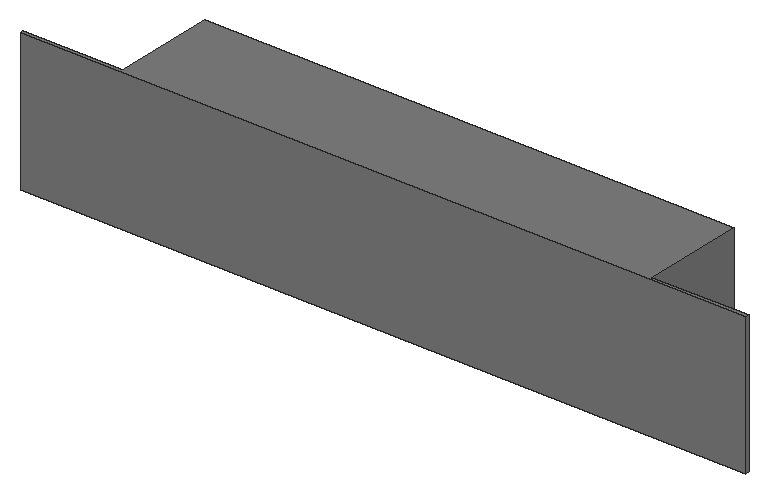
Revit family "800V", category Generic Models, Revit 2021
Family settings
  Can host rebar = No
  Round Connector Dimension = Use Diameter
  Part Type = Normal
  Work Plane-Based = No
  Always vertical = Yes
  Cut with Voids When Loaded = No
  Shared = No
  Room Calculation Point = No
Parameters
  e-mail = "info@vola.com"
  URL = "http://vola.com"
  Telephone = "+45 7023 5500"
  Quality management standard = "ISO 9001"
  Organisation no. / DUNS no. = "17531328"
  Occupational health and safety management standard = "ISO 18001"
  Mounting Instructions = "http://vola.com/service/producturl.ashx?name=800V"
  Model = "800V"
  Materials and components information = "http://vola.com/service/producturl.ashx?name=800V"
  Manufacturer = "VOLA A/S"
  Maintenance Instructions = "http://vola.com/service/producturl.ashx?name=800V"
  Guarantee = "2 years"
  Flow = "34,00 l/min"
  Environmental management standard = "ISO 14000"
  Default Elevation = 0.00 mm
  Connection - All relevant connections = ""
  Approvals = "http://vola.com/service/producturl.ashx?name=800V"
Reference planes
  plane 1 "Center (Front/Back)": y = 0
  plane 2: z = 0
  plane 3 "Center (Left/Right)": x = 0
  plane 4 "Inlet Center Plane": y = -23.5
  plane 5: z = 55
Forms (mm)
  Extrusion 1, solid, material "Default"
    sketch origin (0, 0, -14) x (1, 0, 0) y (0, 1, 0)
      loop
        line (-137.5, 0) -> (-137.5, -69) -> (220.5, -69) -> (220.5, 0) -> (-137.5, 0)
    from 21.5 to 116.5
  Extrusion 2, solid, material "Stainless Steel"
    sketch origin (51, 1.5, 7.5) x (0, 1, 0) y (1, 0, 0)
      loop
        circle (-25, -12) r 14
    from 0 to 7.5
  Extrusion 3, solid, material "Default"
    sketch origin (0, -1, -14) x (1, 0, 0) y (0, 1, 0)
      loop
        line (-205, -68) -> (-205, -70.5) -> (285.5, -70.5) -> (285.5, -68) -> (-205, -68)
    from 21.5 to 116.5
  Extrusion 4, solid, material "Stainless Steel"
    sketch origin (-27, 1.5, 7.5) x (0, 1, 0) y (1, 0, 0)
      loop
        circle (-25, -12) r 14
    from 0 to 7.5
Cuts and joins
  joined: Extrusion 1, Extrusion 3
Lines and regions (mm)
  reference lines
    curve 1: line (-39, -23.5, 55) -> (-39, -108.5, 55)
    curve 2: line (39, -23.5, 55) -> (39, -108.5, 55)
    curve 3: line (39, -23.5, 55) -> (39, -23.5, -44)
    curve 4: line (-39, -23.5, 44) -> (-39, -23.5, -44)
    curve 5: line (117, -38, 152.5) -> (117, -38, -42.5)
    curve 6: line (117, -23.5, 55) -> (117, -108.5, 55)
Dimensions and locks
  aligned and locked: plane 2 to level
  aligned and locked: plane 5 to curve 3
  aligned and locked: Extrusion 1 to Extrusion 3
  aligned and locked: Extrusion 3 to Extrusion 1
